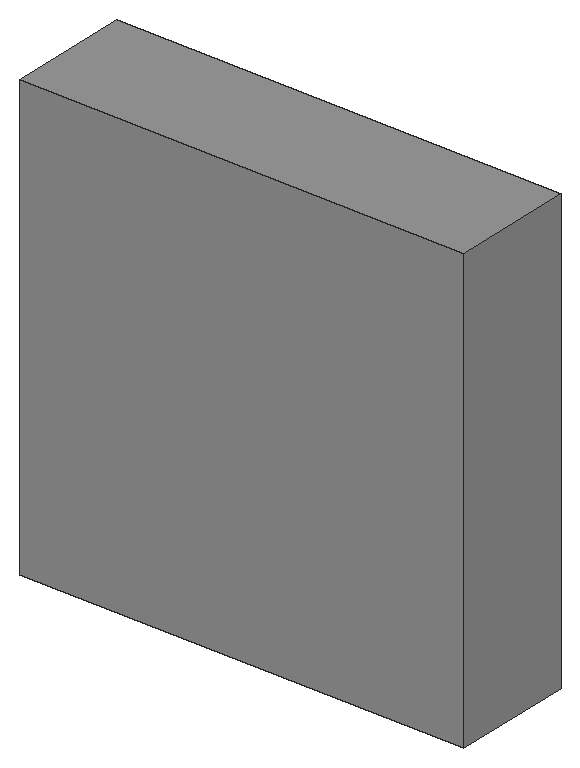
Revit family "SHG_Zutrittskontrolle_V1700", category Sicherheitsgeräte, Revit 2017
Family settings
  Beschriftungsausrichtung beibehalten = Nein
  Bemaßung runder Anschluss = Durchmesser verwenden
  Teiletyp = Normal
  OmniClass-Nummer = 23.85.30.11
  OmniClass-Titel = Access Controls
  Arbeitsebenenbasiert = Nein
  Immer vertikal = Ja
  Beim Laden mit Abzugskörper schneiden = Ja
  Gemeinsam genutzt = Nein
  Raumberechnungspunkt = Nein
Parameters (values of type "Zutrittskontrolle")
  pbr_Zutrittskontrolle = yes
  pbr_Material_KZ = ""
  pbr_Material = none
  pbr_E_Typ = ""
  pbr_E_KZ = ""
  pbr_DINBild = 0
  pbr_Bild = 0
  pbr_3Dx_Delta_Korrekturversatz [instance] = 0 mm
  pbr_3DX_Versatzfaktor [instance] = 0
  pbr_2DY_Versatzfaktor [instance] = 0
  pbr_2DX_Versatzfaktor [instance] = 0
  lfd_STRK [instance] = 0
  cpiFitMatchKey [instance] = "E-ZK ZK"
  Zentrale [instance] = ""
  Winkel [instance] = 90.00°
  Typ [instance] = ""
  Tiefe = 37 mm
  Text3 [instance] = ""
  Text2 [instance] = ""
  Text1 [instance] = ""
  Planungsbüro Rohling = "www.pbr.de"
  Netzart = ""
  Menge(Dosenzahl) [instance] = 0
  Länge = 135 mm
  Linie [instance] = ""
  Lastklassifizierung = none
  Installationsart [instance] = ""
  Info [instance] = ""
  Gewerk [instance] = "ZK"
  Eckversatz [instance] = 0 mm
  YFrontversatz [instance] = if(pbr_2DY_Versatzfaktor = 300, 0 mm, pbr_2DY_Versatzfaktor * 300 mm)  # 0 mm
  XSeitenversatz [instance] = if(pbr_2DX_Versatzfaktor = 0, 3000 mm, 3000 mm + (pbr_2DX_Versatzfaktor * 300 mm)) + Eckversatz  # 3000 mm
  X3Dversatz [instance] = if([3DX_Versatzkontrolle] = 0, 2000 mm, 2000 mm + ([3DX_Versatzkontrolle] * (300 mm - Breite))) + pbr_3Dx_Delta_Korrekturversatz  # 2000 mm
  Niveau [instance] = 1200 mm
  Bus [instance] = ""
  Breite = 135 mm
  Betriebsstrom ruhe [instance] = 0
  Betriebsstrom max [instance] = 0
  3DX_Versatzkontrolle [instance] = if(pbr_3DX_Versatzfaktor = 0, (pbr_2DX_Versatzfaktor * -1), (((-1 * pbr_3DX_Versatzfaktor) + pbr_2DX_Versatzfaktor) * -1))  # 0
  3DX_Versatz [instance] = if([3DX_Versatzkontrolle] = 0, 2000 mm, 2000 mm + ([3DX_Versatzkontrolle] * (300 mm - Breite))) + pbr_3Dx_Delta_Korrekturversatz  # 2000 mm
Reference planes
  plane 1 "Mitte (Vorne/Hinten)": y = 0
  plane 2: z = 0
  plane 3 "Mitte (Links/Rechts)": x = 22.5
  plane 4: x = -127.5
  plane 5: x = 172.5
  plane 6: y = 300
  plane 7 "Schalterhinten": y = 0
  plane 8: x = -2977.5
  plane 9: x = 22.5
  plane 10: x = -1977.5
  plane 11: x = -45
  plane 12: x = 90
  plane 13: z = 1267.5
  plane 14: z = 1132.5
  plane 15 "SchalterVorne": y = 37
  plane 16 "3DMitte": x = 22.5
  plane 17 "Achse": z = 1200
  plane 18: z = 1225
  plane 19: z = 1175
  plane 20 "2DMitte": y = 150
Forms (mm)
  Extrusion 1, solid, material "Stahl, weich, geschweißt"
    sketch origin (0, 20, 0) x (0, 0, 1) y (-1, 0, 0)
      loop
        line (1132.5, 45) -> (1132.5, -90) -> (1267.5, -90) -> (1267.5, 45) -> (1132.5, 45)
    from -17 to 20
Dimensions and locks
  locked: plane 6 to plane 7 "Schalterhinten" at 300
  "XSeitenversatz": plane 8 to plane 9
  plane 8 to plane 3 "Mitte (Links/Rechts)" = 3000 mm
  "YFrontversatz": plane 1 "Mitte (Vorne/Hinten)" to plane 7 "Schalterhinten"
  "Breite": plane 12 to plane 11
  "Länge": plane 13 to plane 14
  plane 9 to plane 10 = 2000 mm
  equal spacing: plane 12, plane 16 "3DMitte", plane 11
  "3DX_Versatz": plane 16 "3DMitte" to plane 10
  equal spacing: plane 13, plane 17 "Achse", plane 14
  "Niveau": plane 17 "Achse" to level
  "Tiefe": plane 15 "SchalterVorne" to plane 1 "Mitte (Vorne/Hinten)"
  plane 13 to plane 18 = 42.5 mm
  plane 19 to plane 14 = 42.5 mm
  equal spacing: plane 4, plane 9, plane 5, locked at 150 each
  locked: plane 4 to plane 5 at 300
  equal spacing: plane 6, plane 20 "2DMitte", plane 7 "Schalterhinten", locked at 150 each
  locked: plane 9 to plane 10 at 2000
  aligned and locked: level to plane 2
  aligned and locked: Extrusion 1 sketch curve to plane 14
  aligned and locked: Extrusion 1 sketch curve to plane 11
  aligned and locked: Extrusion 1 sketch curve to plane 13
  aligned and locked: plane 12 to Extrusion 1 sketch curve
  aligned and locked: plane 1 "Mitte (Vorne/Hinten)" to Extrusion 1
  aligned and locked: Extrusion 1 to plane 15 "SchalterVorne"
  aligned and locked: nested 1 to plane 9
  aligned and locked: nested 1 to plane 7 "Schalterhinten"
Nested families
  nested 1: "Zutrittskontrolle" at (22.5, 0, 0), Winkel <- "Winkel", visible <- "pbr_Zutrittskontrolle", type "Zutrittskontrolle"
    with Winkel 90.00°
Connectors
  electrical at (22.5, 0, 1200)
    settings: on Extrusion 1, index 1, voltage 0 V, apparent load 0 VA, apparent load phase1 0 VA, apparent load phase2 0 VA, apparent load phase3 0 VA, power factor 1, load classification "Sonstige", number of poles 1, system type 10, power factor state 1, is connector primary yes, connector utility no, sub classification motor no, connector description ""
Definition of nested family "Zutrittskontrolle"
  Parameters (values of type "Zutrittskontrolle")
    Winkel [instance] = 90.00°
  Reference planes
    plane 1 "Mitte (Vorne/Hinten)": y = 0
    plane 2: z = 0
    plane 3 "Mitte (Links/Rechts)": x = 0
  Lines and regions (mm)
    detail lines, in view "Referenzebene"
      curve 1: line (-147.596, 279.985, 0) -> (147.404, 279.985, 0)
      curve 2: line (147.404, 279.985, 0) -> (147.404, -0.015, 0)
      curve 3: line (147.404, -0.015, 0) -> (-147.596, -0.015, 0)
      curve 4: line (-147.596, -0.015, 0) -> (-147.596, 279.985, 0)
  Dimensions and locks
    curve 4 to plane 3 "Mitte (Links/Rechts)" to curve 2 = 147.596 mm, 147.404 mm
    "Winkel": angle nested 1 to plane 3 "Mitte (Links/Rechts)"
  Automatic sketch dimensions
    plane 1 "Mitte (Vorne/Hinten)" to curve 3 = 0.015 mm
    curve 2 to plane 1 "Mitte (Vorne/Hinten)" = 279.985 mm
  Nested families
    nested 1: "text_Zutrittskontrolle" at (7.404, 139.985, 0), type "text_Zutrittskontrolle", in view "Referenzebene"
  Definition of nested family "text_Zutrittskontrolle"
    Parameters (values of type "text_Zutrittskontrolle")
      Z = yes
      K = yes
    Reference planes
      plane 1 "Mitte (Vorne/Hinten)": y = 0
      plane 2: z = 0
      plane 3 "Mitte (Links/Rechts)": x = 0
    Lines and regions (mm)
      Filled region 1, type "Beton", in view "Referenzebene", visible <- "Z"
        outline origin (-2214.652, -1031.191, 0) x (1, 0, 0) y (0, 1, 0)
          loop
            line (2073.449, 1120.011) -> (2073.449, 1099.19) -> (2173.479, 1099.19) -> (2063.348, 963.19) -> (2063.348, 942.626) -> (2203.348, 942.626) -> (2203.348, 963.19) -> (2090.349, 963.19) -> (2200.481, 1099.19) -> (2200.481, 1120.011) -> (2073.449, 1120.011)
      Filled region 2, type "Beton", in view "Referenzebene", visible <- "K"
        outline origin (529.351, -1031.497, 0) x (1, 0, 0) y (0, 1, 0)
          loop
            line (-535.192, 1120.011) -> (-535.192, 942.626) -> (-511.961, 942.626) -> (-511.961, 1003.134) -> (-482.683, 1032.413) -> (-419.813, 942.626) -> (-388.718, 942.626) -> (-466.36, 1048.175) -> (-391.972, 1120.011) -> (-424.175, 1120.011) -> (-511.961, 1032.225) -> (-511.961, 1120.011) -> (-535.192, 1120.011)
